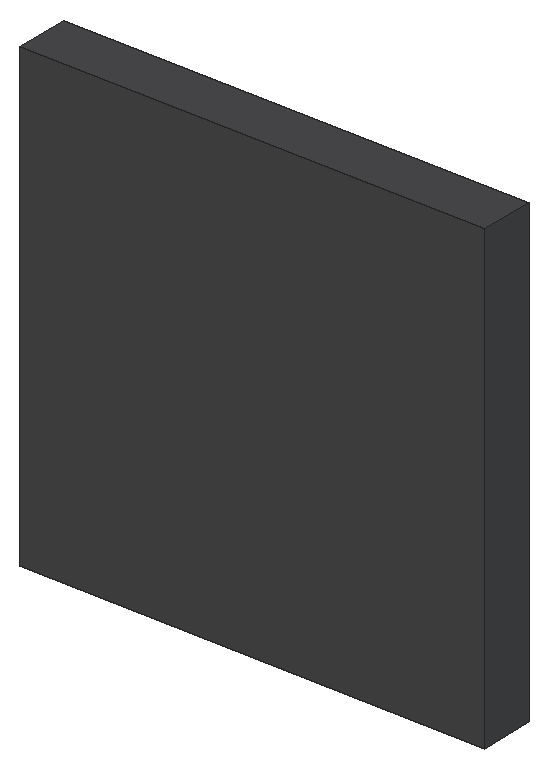
Revit family "Pantalla Modelo EL_ELVD130W", category Luminarias, Revit 2019
Family settings
  Cota de conector redondo = Diámetro de uso
  Tipo de pieza = Normal
  Se basa en plano de trabajo = Sí
  Siempre vertical = No
  Corte con vacíos al cargar = No
  Origen de luz = No
  Compartido = No
  Punto de cálculo de habitación = No
Parameters (values of type "Pantalla Modelo EL_ELVD130W.6")
  Zone [instance] = ""
  Watt per fixture = 130
  Keynote = ""
  Modulo = 600 mm
  Modelo = "ELVD130W.6"
  Lámpara = "SMD"
  Fabricante = "BRILLANT"
  Espesor = 70 mm
  Default Elevation = 0 mm
  Descripción = "PANTALLA MODELO EL 6, GABINETE PANTALLA LED AL AIRE LIBRE, CODIGO ELVD130W.6 MODELO EL6, PIXEL PITCH 6.2MM, RESOLUCION DEL PANEL 96X96DOTS, CANTIDAD/PANEL LED 9216DOTS, CONFIGURACION DEL PIXEL SMD 3 EN 1, 5000-6000 NITS, ACTUALIZACION 2000Hz, ESCALA DE GRISES 16BIT, AJUSTE DE BRILLO 256 NIVELES, CONTRASTE 1000:1, DIMENSION DEL PANEL 600X600X70MM, PANEL 0.36M2, PESO DEL PANEL 10KG, CONSUMO DE ENERGIA 130W, ANGULO DE VISUALIZACION 140 GRADOS 120 GRADOS, 6M DISTANCIA DE VISUALIZACION, PUNTO DE CONTROL 0.0002, DURACION DE LUCES (50% BRILLO) 50000 HORAS, TEMPERATURA DE FUNCIONAMIENTO -30C +40C, HUMEDAD RELATIVA 10-90%, IP 65, VOLTAJE AC 100-240V/50-60Hz, MODO DE ENTRADA COMO CORRIENTE CONSTANTE, SISTEMA OPERATIVO WINDOWS 2000/XP/VISTA/WINDOWS 7, TIPO DE SEÑAL AV, S-VIDEO, VGA, CVBS, HDMI, DVI, SDI, CONTROL DE DISTANCIA HSYV <100M."
  Comentarios de vataje = "100-240V"
  Circuit [instance] = ""
Types (4, lengths in mm): name | Modelo | Descripción
  Pantalla Modelo EL_ELVD130W.2 | "ELVD130W.2" | "PANTALLA MODELO EL 2, GABINETE PANTALLA LED AL AIRE LIBRE, CODIGO ELVD130W.2 MODELO EL2, PIXEL PITCH 2.8MM, RESOLUCION DEL PANEL 208X208DOTS, CANTIDAD/PANEL LED 43264 DOTS, CONFIGURACION DEL PIXEL SMD 3 EN 1, 900-1500 NITS, ACTUALIZACION 2000Hz, ESCALA DE GRISES 16BIT, AJUSTE DE BRILLO 256 NIVELES, CONTRASTE 1000:1, DIMENSION DEL PANEL 600X600X70MM, PANEL 0.36M2, PESO DEL PANEL 9KG, CONSUMO DE ENERGIA 130W, ANGULO DE VISUALIZACION 140 GRADOS 120 GRADOS, 2M DISTANCIA DE VISUALIZACION, PUNTO DE CONTROL 0.0002, DURACION DE LUCES (50% BRILLO) 50000 HORAS, TEMPERATURA DE FUNCIONAMIENTO -30C +40C, HUMEDAD RELATIVA 10-90%, IP 43/IP54 OPCIONAL, VOLTAJE AC 100-240V/50-60Hz, MODO DE ENTRADA COMO CORRIENTE CONSTANTE, SISTEMA OPERATIVO WINDOWS 2000/XP/VISTA/WINDOWS 7, TIPO DE SEÑAL AV, S-VIDEO, VGA, CVBS, HDMI, DVI, SDI, CONTROL DE DISTANCIA HSYV <100M."
  Pantalla Modelo EL_ELVD130W.3 | "ELVD130W.3" | "PANTALLA MODELO EL 3, GABINETE PANTALLA LED AL AIRE LIBRE, CODIGO ELVD130W.3 MODELO EL3, PIXEL PITCH 3.7MM, RESOLUCION DEL PANEL 160X160DOTS, CANTIDAD/PANEL LED 25600 DOTS, CONFIGURACION DEL PIXEL SMD 3 EN 1, 900-1500 NITS, ACTUALIZACION 2000Hz, ESCALA DE GRISES 16BIT, AJUSTE DE BRILLO 256 NIVELES, CONTRASTE 1000:1, DIMENSION DEL PANEL 600X600X70MM, PANEL 0.36M2, PESO DEL PANEL 9KG, CONSUMO DE ENERGIA 130W, ANGULO DE VISUALIZACION 140 GRADOS 120 GRADOS, 3M DISTANCIA DE VISUALIZACION, PUNTO DE CONTROL 0.0002, DURACION DE LUCES (50% BRILLO) 50000 HORAS, TEMPERATURA DE FUNCIONAMIENTO -30C +40C, HUMEDAD RELATIVA 10-90%, IP 43/IP54 OPCIONAL, VOLTAJE AC 100-240V/50-60Hz, MODO DE ENTRADA COMO CORRIENTE CONSTANTE, SISTEMA OPERATIVO WINDOWS 2000/XP/VISTA/WINDOWS 7, TIPO DE SEÑAL AV, S-VIDEO, VGA, CVBS, HDMI, DVI, SDI, CONTROL DE DISTANCIA HSYV <100M."
  Pantalla Modelo EL_ELVD130W.4 | "ELVD130W.4" | "PANTALLA MODELO EL 4, GABINETE PANTALLA LED AL AIRE LIBRE, CODIGO ELVD130W.4 MODELO EL4, PIXEL PITCH 4.6MM, RESOLUCION DEL PANEL 128X128DOTS, CANTIDAD/PANEL LED 16384 DOTS, CONFIGURACION DEL PIXEL SMD 3 EN 1, 900-1500 NITS, ACTUALIZACION 2000Hz, ESCALA DE GRISES 16BIT, AJUSTE DE BRILLO 256 NIVELES, CONTRASTE 1000:1, DIMENSION DEL PANEL 600X600X70MM, PANEL 0.36M2, PESO DEL PANEL 9KG, CONSUMO DE ENERGIA 130W, ANGULO DE VISUALIZACION 140 GRADOS 120 GRADOS, 4M DISTANCIA DE VISUALIZACION, PUNTO DE CONTROL 0.0002, DURACION DE LUCES (50% BRILLO) 50000 HORAS, TEMPERATURA DE FUNCIONAMIENTO -30C +40C, HUMEDAD RELATIVA 10-90%, IP 43/IP54 OPCIONAL, VOLTAJE AC 100-240V/50-60Hz, MODO DE ENTRADA COMO CORRIENTE CONSTANTE, SISTEMA OPERATIVO WINDOWS 2000/XP/VISTA/WINDOWS 7, TIPO DE SEÑAL AV, S-VIDEO, VGA, CVBS, HDMI, DVI, SDI, CONTROL DE DISTANCIA HSYV <100M."
  Pantalla Modelo EL_ELVD130W.6 | "ELVD130W.6" | "PANTALLA MODELO EL 6, GABINETE PANTALLA LED AL AIRE LIBRE, CODIGO ELVD130W.6 MODELO EL6, PIXEL PITCH 6.2MM, RESOLUCION DEL PANEL 96X96DOTS, CANTIDAD/PANEL LED 9216DOTS, CONFIGURACION DEL PIXEL SMD 3 EN 1, 5000-6000 NITS, ACTUALIZACION 2000Hz, ESCALA DE GRISES 16BIT, AJUSTE DE BRILLO 256 NIVELES, CONTRASTE 1000:1, DIMENSION DEL PANEL 600X600X70MM, PANEL 0.36M2, PESO DEL PANEL 10KG, CONSUMO DE ENERGIA 130W, ANGULO DE VISUALIZACION 140 GRADOS 120 GRADOS, 6M DISTANCIA DE VISUALIZACION, PUNTO DE CONTROL 0.0002, DURACION DE LUCES (50% BRILLO) 50000 HORAS, TEMPERATURA DE FUNCIONAMIENTO -30C +40C, HUMEDAD RELATIVA 10-90%, IP 65, VOLTAJE AC 100-240V/50-60Hz, MODO DE ENTRADA COMO CORRIENTE CONSTANTE, SISTEMA OPERATIVO WINDOWS 2000/XP/VISTA/WINDOWS 7, TIPO DE SEÑAL AV, S-VIDEO, VGA, CVBS, HDMI, DVI, SDI, CONTROL DE DISTANCIA HSYV <100M."
Reference planes
  plane 1 "Centro (Frontal/Posterior)": y = 0
  plane 2: z = 0
  plane 3 "Centro (Izquierda/Derecha)": x = 0
  plane 4: z = 600
  plane 5: x = -300
  plane 6: x = 300
  plane 7: y = 70
  plane 8: z = 16
Forms (mm)
  Extrusion 1, solid, material "Plastico"
    sketch origin (0, 0, 0) x (1, 0, 0) y (0, 1, 0)
      loop
        line (-300, 0) -> (300, 0) -> (300, 70) -> (-300, 70) -> (-300, 0)
    from 0 to 600
  Revolve 2, solid, material "Cristal", not visible
    sketch origin (-152, 0, 0) x (0, 1, 0) y (0, 0, -1)
      loop
        line (0, -8.749) -> (0, -7.25) -> (-1.499, -7.25)
        arc (-1.499, -7.25) -> (-1.06, -8.31) -> (0, -8.749) r 1.499
      axis (0, -7.25) -> (-1.499, -7.25)
    angle from 0 to 360
  Revolve 3, solid, material "Cristal", not visible
    sketch origin (-136, 0, 0) x (0, 1, 0) y (0, 0, -1)
      loop
        line (0, -8.749) -> (0, -7.25) -> (-1.499, -7.25)
        arc (-1.499, -7.25) -> (-1.06, -8.31) -> (0, -8.749) r 1.499
      axis (0, -7.25) -> (-1.499, -7.25)
    angle from 0 to 360
  Revolve 4, solid, material "Cristal", not visible
    sketch origin (-120, 0, 0) x (0, 1, 0) y (0, 0, -1)
      loop
        line (0, -8.749) -> (0, -7.25) -> (-1.499, -7.25)
        arc (-1.499, -7.25) -> (-1.06, -8.31) -> (0, -8.749) r 1.499
      axis (0, -7.25) -> (-1.499, -7.25)
    angle from 0 to 360
  Revolve 5, solid, material "Cristal", not visible
    sketch origin (-104, 0, 0) x (0, 1, 0) y (0, 0, -1)
      loop
        line (0, -8.749) -> (0, -7.25) -> (-1.499, -7.25)
        arc (-1.499, -7.25) -> (-1.06, -8.31) -> (0, -8.749) r 1.499
      axis (0, -7.25) -> (-1.499, -7.25)
    angle from 0 to 360
  Revolve 6, solid, material "Cristal", not visible
    sketch origin (-88, 0, 0) x (0, 1, 0) y (0, 0, -1)
      loop
        line (0, -8.749) -> (0, -7.25) -> (-1.499, -7.25)
        arc (-1.499, -7.25) -> (-1.06, -8.31) -> (0, -8.749) r 1.499
      axis (0, -7.25) -> (-1.499, -7.25)
    angle from 0 to 360
  Revolve 7, solid, material "Cristal", not visible
    sketch origin (-72, 0, 0) x (0, 1, 0) y (0, 0, -1)
      loop
        line (0, -8.749) -> (0, -7.25) -> (-1.499, -7.25)
        arc (-1.499, -7.25) -> (-1.06, -8.31) -> (0, -8.749) r 1.499
      axis (0, -7.25) -> (-1.499, -7.25)
    angle from 0 to 360
  Revolve 8, solid, material "Cristal", not visible
    sketch origin (-56, 0, 0) x (0, 1, 0) y (0, 0, -1)
      loop
        line (0, -8.749) -> (0, -7.25) -> (-1.499, -7.25)
        arc (-1.499, -7.25) -> (-1.06, -8.31) -> (0, -8.749) r 1.499
      axis (0, -7.25) -> (-1.499, -7.25)
    angle from 0 to 360
  Revolve 9, solid, material "Cristal", not visible
    sketch origin (-40, 0, 0) x (0, 1, 0) y (0, 0, -1)
      loop
        line (0, -8.749) -> (0, -7.25) -> (-1.499, -7.25)
        arc (-1.499, -7.25) -> (-1.06, -8.31) -> (0, -8.749) r 1.499
      axis (0, -7.25) -> (-1.499, -7.25)
    angle from 0 to 360
  Revolve 10, solid, material "Cristal", not visible
    sketch origin (-24, 0, 0) x (0, 1, 0) y (0, 0, -1)
      loop
        line (0, -8.749) -> (0, -7.25) -> (-1.499, -7.25)
        arc (-1.499, -7.25) -> (-1.06, -8.31) -> (0, -8.749) r 1.499
      axis (0, -7.25) -> (-1.499, -7.25)
    angle from 0 to 360
  Revolve 11, solid, material "Cristal", not visible
    sketch origin (-8, 0, 0) x (0, 1, 0) y (0, 0, -1)
      loop
        line (0, -8.749) -> (0, -7.25) -> (-1.499, -7.25)
        arc (-1.499, -7.25) -> (-1.06, -8.31) -> (0, -8.749) r 1.499
      axis (0, -7.25) -> (-1.499, -7.25)
    angle from 0 to 360
  Revolve 12, solid, material "Cristal", not visible
    sketch origin (8, 0, 0) x (0, 1, 0) y (0, 0, -1)
      loop
        line (0, -8.749) -> (0, -7.25) -> (-1.499, -7.25)
        arc (-1.499, -7.25) -> (-1.06, -8.31) -> (0, -8.749) r 1.499
      axis (0, -7.25) -> (-1.499, -7.25)
    angle from 0 to 360
  Revolve 13, solid, material "Cristal", not visible
    sketch origin (24, 0, 0) x (0, 1, 0) y (0, 0, -1)
      loop
        line (0, -8.749) -> (0, -7.25) -> (-1.499, -7.25)
        arc (-1.499, -7.25) -> (-1.06, -8.31) -> (0, -8.749) r 1.499
      axis (0, -7.25) -> (-1.499, -7.25)
    angle from 0 to 360
  Revolve 14, solid, material "Cristal", not visible
    sketch origin (40, 0, 0) x (0, 1, 0) y (0, 0, -1)
      loop
        line (0, -8.749) -> (0, -7.25) -> (-1.499, -7.25)
        arc (-1.499, -7.25) -> (-1.06, -8.31) -> (0, -8.749) r 1.499
      axis (0, -7.25) -> (-1.499, -7.25)
    angle from 0 to 360
  Revolve 15, solid, material "Cristal", not visible
    sketch origin (56, 0, 0) x (0, 1, 0) y (0, 0, -1)
      loop
        line (0, -8.749) -> (0, -7.25) -> (-1.499, -7.25)
        arc (-1.499, -7.25) -> (-1.06, -8.31) -> (0, -8.749) r 1.499
      axis (0, -7.25) -> (-1.499, -7.25)
    angle from 0 to 360
  Revolve 16, solid, material "Cristal", not visible
    sketch origin (72, 0, 0) x (0, 1, 0) y (0, 0, -1)
      loop
        line (0, -8.749) -> (0, -7.25) -> (-1.499, -7.25)
        arc (-1.499, -7.25) -> (-1.06, -8.31) -> (0, -8.749) r 1.499
      axis (0, -7.25) -> (-1.499, -7.25)
    angle from 0 to 360
  Revolve 17, solid, material "Cristal", not visible
    sketch origin (88, 0, 0) x (0, 1, 0) y (0, 0, -1)
      loop
        line (0, -8.749) -> (0, -7.25) -> (-1.499, -7.25)
        arc (-1.499, -7.25) -> (-1.06, -8.31) -> (0, -8.749) r 1.499
      axis (0, -7.25) -> (-1.499, -7.25)
    angle from 0 to 360
  Revolve 18, solid, material "Cristal", not visible
    sketch origin (104, 0, 0) x (0, 1, 0) y (0, 0, -1)
      loop
        line (0, -8.749) -> (0, -7.25) -> (-1.499, -7.25)
        arc (-1.499, -7.25) -> (-1.06, -8.31) -> (0, -8.749) r 1.499
      axis (0, -7.25) -> (-1.499, -7.25)
    angle from 0 to 360
  Revolve 19, solid, material "Cristal", not visible
    sketch origin (120, 0, 0) x (0, 1, 0) y (0, 0, -1)
      loop
        line (0, -8.749) -> (0, -7.25) -> (-1.499, -7.25)
        arc (-1.499, -7.25) -> (-1.06, -8.31) -> (0, -8.749) r 1.499
      axis (0, -7.25) -> (-1.499, -7.25)
    angle from 0 to 360
  Revolve 20, solid, material "Cristal", not visible
    sketch origin (136, 0, 0) x (0, 1, 0) y (0, 0, -1)
      loop
        line (0, -8.749) -> (0, -7.25) -> (-1.499, -7.25)
        arc (-1.499, -7.25) -> (-1.06, -8.31) -> (0, -8.749) r 1.499
      axis (0, -7.25) -> (-1.499, -7.25)
    angle from 0 to 360
  Revolve 21, solid, material "Cristal", not visible
    sketch origin (152, 0, 0) x (0, 1, 0) y (0, 0, -1)
      loop
        line (0, -8.749) -> (0, -7.25) -> (-1.499, -7.25)
        arc (-1.499, -7.25) -> (-1.06, -8.31) -> (0, -8.749) r 1.499
      axis (0, -7.25) -> (-1.499, -7.25)
    angle from 0 to 360
Dimensions and locks
  "Modulo": plane 4 to level
  equal spacing: plane 6, plane 3 "Centro (Izquierda/Derecha)", plane 5
  "Modulo": plane 6 to plane 5
  plane 3 "Centro (Izquierda/Derecha)" to plane 5 = 300 mm
  "Espesor": plane 1 "Centro (Frontal/Posterior)" to plane 7
  locked: plane 8 to plane 2 at 16
  aligned and locked: Extrusion 1 to plane 4
  aligned and locked: Extrusion 1 to plane 5
  aligned and locked: Extrusion 1 to plane 6
  aligned and locked: Extrusion 1 to plane 7
  aligned and locked: level to plane 2
Automatic sketch dimensions
  Revolve 2 sketch curve to Revolve 2 sketch curve = 1.499 mm
  Revolve 2 sketch curve to Revolve 2 sketch curve = 3.099 mm
  Revolve 2 sketch curve to Revolve 2 sketch curve = 0 mm  (x2)
  Revolve 3 sketch curve to Revolve 3 sketch curve = 1.499 mm
  Revolve 3 sketch curve to Revolve 3 sketch curve = 3.099 mm
  Revolve 3 sketch curve to Revolve 3 sketch curve = 0 mm  (x2)
  Revolve 4 sketch curve to Revolve 4 sketch curve = 1.499 mm
  Revolve 4 sketch curve to Revolve 4 sketch curve = 3.099 mm
  Revolve 4 sketch curve to Revolve 4 sketch curve = 0 mm  (x2)
  Revolve 5 sketch curve to Revolve 5 sketch curve = 1.499 mm
  Revolve 5 sketch curve to Revolve 5 sketch curve = 3.099 mm
  Revolve 5 sketch curve to Revolve 5 sketch curve = 0 mm  (x2)
  Revolve 6 sketch curve to Revolve 6 sketch curve = 1.499 mm
  Revolve 6 sketch curve to Revolve 6 sketch curve = 3.099 mm
  Revolve 6 sketch curve to Revolve 6 sketch curve = 0 mm  (x2)
  Revolve 7 sketch curve to Revolve 7 sketch curve = 1.499 mm
  Revolve 7 sketch curve to Revolve 7 sketch curve = 3.099 mm
  Revolve 7 sketch curve to Revolve 7 sketch curve = 0 mm  (x2)
  Revolve 8 sketch curve to Revolve 8 sketch curve = 1.499 mm
  Revolve 8 sketch curve to Revolve 8 sketch curve = 3.099 mm
  Revolve 8 sketch curve to Revolve 8 sketch curve = 0 mm  (x2)
  Revolve 9 sketch curve to Revolve 9 sketch curve = 1.499 mm
  Revolve 9 sketch curve to Revolve 9 sketch curve = 3.099 mm
  Revolve 9 sketch curve to Revolve 9 sketch curve = 0 mm  (x2)
  Revolve 10 sketch curve to Revolve 10 sketch curve = 1.499 mm
  Revolve 10 sketch curve to Revolve 10 sketch curve = 3.099 mm
  Revolve 10 sketch curve to Revolve 10 sketch curve = 0 mm  (x2)
  Revolve 11 sketch curve to Revolve 11 sketch curve = 1.499 mm
  Revolve 11 sketch curve to Revolve 11 sketch curve = 3.099 mm
  Revolve 11 sketch curve to Revolve 11 sketch curve = 0 mm  (x2)
  Revolve 12 sketch curve to Revolve 12 sketch curve = 1.499 mm
  Revolve 12 sketch curve to Revolve 12 sketch curve = 3.099 mm
  Revolve 12 sketch curve to Revolve 12 sketch curve = 0 mm  (x2)
  Revolve 13 sketch curve to Revolve 13 sketch curve = 1.499 mm
  Revolve 13 sketch curve to Revolve 13 sketch curve = 3.099 mm
  Revolve 13 sketch curve to Revolve 13 sketch curve = 0 mm  (x2)
  Revolve 14 sketch curve to Revolve 14 sketch curve = 1.499 mm
  Revolve 14 sketch curve to Revolve 14 sketch curve = 3.099 mm
  Revolve 14 sketch curve to Revolve 14 sketch curve = 0 mm  (x2)
  Revolve 15 sketch curve to Revolve 15 sketch curve = 1.499 mm
  Revolve 15 sketch curve to Revolve 15 sketch curve = 3.099 mm
  Revolve 15 sketch curve to Revolve 15 sketch curve = 0 mm  (x2)
  Revolve 16 sketch curve to Revolve 16 sketch curve = 1.499 mm
  Revolve 16 sketch curve to Revolve 16 sketch curve = 3.099 mm
  Revolve 16 sketch curve to Revolve 16 sketch curve = 0 mm  (x2)
  Revolve 17 sketch curve to Revolve 17 sketch curve = 1.499 mm
  Revolve 17 sketch curve to Revolve 17 sketch curve = 3.099 mm
  Revolve 17 sketch curve to Revolve 17 sketch curve = 0 mm  (x2)
  Revolve 18 sketch curve to Revolve 18 sketch curve = 1.499 mm
  Revolve 18 sketch curve to Revolve 18 sketch curve = 3.099 mm
  Revolve 18 sketch curve to Revolve 18 sketch curve = 0 mm  (x2)
  Revolve 19 sketch curve to Revolve 19 sketch curve = 1.499 mm
  Revolve 19 sketch curve to Revolve 19 sketch curve = 3.099 mm
  Revolve 19 sketch curve to Revolve 19 sketch curve = 0 mm  (x2)
  Revolve 20 sketch curve to Revolve 20 sketch curve = 1.499 mm
  Revolve 20 sketch curve to Revolve 20 sketch curve = 3.099 mm
  Revolve 20 sketch curve to Revolve 20 sketch curve = 0 mm  (x2)
  Revolve 21 sketch curve to Revolve 21 sketch curve = 1.499 mm
  Revolve 21 sketch curve to Revolve 21 sketch curve = 3.099 mm
  Revolve 21 sketch curve to Revolve 21 sketch curve = 0 mm  (x2)
  Extrusion 1 sketch curve to plane 5 = 0 mm
  Extrusion 1 sketch curve to plane 6 = 0 mm
  plane 1 "Centro (Frontal/Posterior)" to Extrusion 1 sketch curve = 0 mm
  Extrusion 1 sketch curve to plane 7 = 0 mm
Connectors
  electrical at (0, 70, 300)
    settings: on Extrusion 1, index 1, voltage 240 V, apparent load 0 VA, apparent load phase1 0 VA, apparent load phase2 0 VA, apparent load phase3 0 VA, power factor 1, load classification "Otro", number of poles 1, system type 31, power factor state 1, is connector primary yes, connector utility no, sub classification motor no, connector description ""
